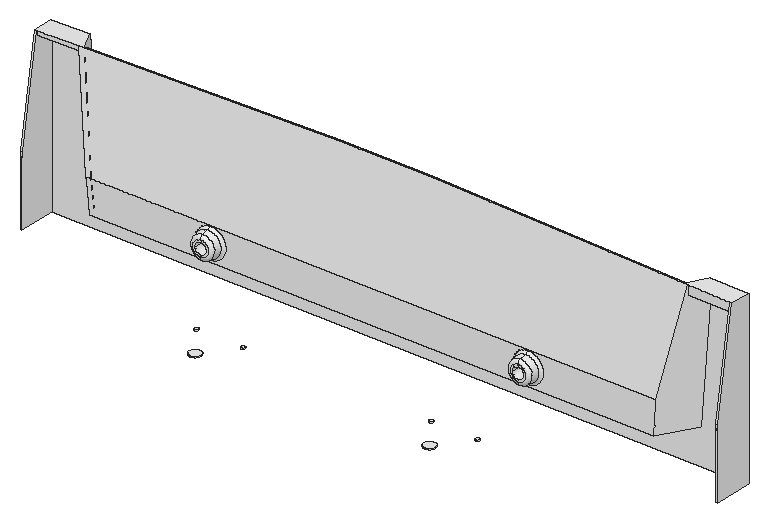
Revit family "Plumbing-Sink-Sloan-Valve-ELA-83000", category Plumbing Fixtures, host Face, Revit 2019
Family settings
  Host = Face
  Round Connector Dimension = Use Diameter
  Part Type = Normal
  OmniClass Number = 23.45.05.14.14
  OmniClass Title = Sinks/Lavatories
  Cut with Voids When Loaded = No
  Shared = No
  Room Calculation Point = No
Parameters (values of type "ELA-83000")
  Width = 90.00"  # constant formula
  Water Flow = 0.0 GPM
  Waste Connection = yes
  WFU = 2
  Vent Connection = no
  Valve Pressure Drop = 0.0 Pa
  URL = "www.sloanvalve.com"
  Sanitary Drain Connection Diameter = 1.50"
  Product data url = "https://bimobject.com/sloan_valve/product/sinks_sloanstone_ela-83000"
  Product Material = Sloan - SloanStone - White (WH)
  Product Guid = ""
  Part Number = ""
  Model = "ELA-83000"
  Manufacturer = "Sloan Valve"  # constant formula
  Keynote = "10000"
  Hot Water Connection Diameter = 0.50"
  Height = 5.00"  # constant formula
  HWFU = 1.5
  HW Connection = yes
  z_Elevation [instance] = 34.00"  # constant formula
  Edition number = 1
  Description = "SloanStone® 3-Station Wall-Mounted Arrowhead Sink."
  Depth = 23.00"  # constant formula
  Default Elevation = 0.00"  # constant formula
  Cold Water Connection Diameter = 0.50"
  CWFU = 1.5
  CW Connection = yes
  Assembly Code = "D2010400"
  ADA Compliant = 1 = 1  # yes
Reference planes (in)
  plane 1 "Center (Front/Back)": y = 0
  plane 2: z = 0
  plane 3 "Center (Left/Right)": x = 0
  plane 4: y = -14
  plane 5: y = -34
  plane 6: x = -30
  plane 7: z = 2.125
  plane 8: z = 2.125
  plane 9: z = 2.125
  plane 10: x = 30
  plane 11: x = -45
  plane 12: x = 45
  plane 13: z = 23
Forms (in)
  Extrusion 1, solid, not visible
    sketch origin (0, 0, 0) x (1, 0, 0) y (0, 1, 0)
      loop
        circle (-15.25, -14) r 0.75
      loop
        circle (-12.25, -10) r 0.25
      loop
        circle (-18.25, -10) r 0.25
      loop
        circle (15.06, -14) r 0.75
      loop
        circle (12.06, -10) r 0.25
      loop
        circle (18.06, -10) r 0.25
    from 0 to 0.50971
Dimensions and locks (in)
  plane 4 to plane 1 "Center (Front/Back)" = 14.00"
  "z_Elevation": plane 5 to plane 1 "Center (Front/Back)"
  aligned and locked: plane 2 to host face
  aligned and locked: level to host face
  aligned and locked: plane 3 "Center (Left/Right)" to nested 1
  aligned and locked: plane 1 "Center (Front/Back)" to nested 1
Automatic sketch dimensions
  host sketch curve to host sketch curve = 96.00"  (x2)
  Extrusion 1 sketch curve to plane 4 = 0.00"
  plane 4 to Extrusion 1 sketch curve = 0.00"
  plane 4 to Extrusion 1 sketch curve = 4.00"  (x4)
  plane 6 to Extrusion 1 sketch curve = 11.75"
  Extrusion 1 sketch curve to Extrusion 1 sketch curve = 3.00"  (x4)
  plane 3 "Center (Left/Right)" to Extrusion 1 sketch curve = 12.06"
  radius of Extrusion 1 sketch curve = 0.75"  (x2)
  radius of Extrusion 1 sketch curve = 0.25"  (x4)
Nested families (in)
  nested 1: "Geometry" at (0, 0, 0), type "Geometry"
Connectors (in)
  piping at (-15.25, -14, 0), diameter 1.5, driven by "WFU", driven by "Sanitary Drain Connection Diameter"
    settings: on Extrusion 1, index 2, connector inside diameter 24.00", connector length 0.00", flow factor 0, pipe flow 0.0 GPM, pressure drop 0.0 Pa, fitting loss kfactor 0, connector angle 0.00°, fixture units 2, engagement length 0.00", angle of deflection 0.00°, flow configuration 3, flow direction 2, fitting loss method 0, system type 16, joint type 0, gender type 0, connector reference index -1, connector utility 0, adjustable connector no, is connector primary yes, connector description "Sanitary Drain Connection 1"
  piping at (-12.25, -10, 0), diameter 0.5, driven by "Cold Water Connection Diameter", driven by "Valve Pressure Drop"
    settings: on Extrusion 1, index 3, connector inside diameter 24.00", connector length 0.00", flow factor 0, pipe flow 0.0 GPM, pressure drop 0.0 Pa, fitting loss kfactor 0, connector angle 0.00°, fixture units 1.5, engagement length 0.00", angle of deflection 0.00°, flow configuration 3, flow direction 1, fitting loss method 0, system type 20, joint type 0, gender type 0, connector reference index -1, connector utility 0, adjustable connector no, is connector primary no, connector description "Cold Water Connection 1"
  piping at (-18.25, -10, 0), diameter 0.5, driven by "Valve Pressure Drop", driven by "Hot Water Connection Diameter"
    settings: on Extrusion 1, index 4, connector inside diameter 24.00", connector length 0.00", flow factor 0, pipe flow 0.0 GPM, pressure drop 0.0 Pa, fitting loss kfactor 0, connector angle 0.00°, fixture units 1.5, engagement length 0.00", angle of deflection 0.00°, flow configuration 3, flow direction 1, fitting loss method 0, system type 19, joint type 0, gender type 0, connector reference index -1, connector utility 0, adjustable connector no, is connector primary no, connector description "Hot Water Connection 1"
  piping at (15.06, -14, 0), diameter 1.5, driven by "Sanitary Drain Connection Diameter", driven by "WFU"
    settings: on Extrusion 1, index 7, connector inside diameter 24.00", connector length 0.00", flow factor 0, pipe flow 0.0 GPM, pressure drop 0.0 Pa, fitting loss kfactor 0, connector angle 0.00°, fixture units 2, engagement length 0.00", angle of deflection 0.00°, flow configuration 3, flow direction 2, fitting loss method 0, system type 16, joint type 0, gender type 0, connector reference index -1, connector utility 0, adjustable connector no, is connector primary no, connector description "Sanitary Drain Connection 2"
  piping at (12.06, -10, 0), diameter 0.5, driven by "Hot Water Connection Diameter", driven by "Valve Pressure Drop"
    settings: on Extrusion 1, index 8, connector inside diameter 24.00", connector length 0.00", flow factor 0, pipe flow 0.0 GPM, pressure drop 0.0 Pa, fitting loss kfactor 0, connector angle 0.00°, fixture units 1.5, engagement length 0.00", angle of deflection 0.00°, flow configuration 3, flow direction 1, fitting loss method 0, system type 19, joint type 0, gender type 0, connector reference index -1, connector utility 0, adjustable connector no, is connector primary no, connector description "Hot Water Connection 2"
  piping at (18.06, -10, 0), diameter 0.5, driven by "Cold Water Connection Diameter", driven by "Valve Pressure Drop"
    settings: on Extrusion 1, index 9, connector inside diameter 24.00", connector length 0.00", flow factor 0, pipe flow 0.0 GPM, pressure drop 0.0 Pa, fitting loss kfactor 0, connector angle 0.00°, fixture units 1.5, engagement length 0.00", angle of deflection 0.00°, flow configuration 3, flow direction 1, fitting loss method 0, system type 20, joint type 0, gender type 0, connector reference index -1, connector utility 0, adjustable connector no, is connector primary no, connector description "Cold Water Connection 2"
Definition of nested family "Geometry"
  Parameters (values of type "Geometry")
    URL = ""
    Type Comments = ""
    Model = ""
    Manufacturer = ""
    Product Material = none
    Description = ""
    Default Elevation = 34.00"
    Assembly Code = ""
  Reference planes (in)
    plane 1 "Center (Front/Back)": y = 0
    plane 2: z = 0
    plane 3 "Center (Left/Right)": x = 0
    plane 4: x = -45
    plane 5: x = 45
    plane 6: z = 23
    plane 7: z = 22
    plane 8: y = -6.5
    plane 9: y = -5
    plane 10: x = -40
    plane 11: x = 40
    plane 12: z = 2.125
    plane 13: z = 5
    plane 14: through (-37.78451, -5.88032, 48) normal (-0.8887, -0.4585, 0)
    plane 15: through (-33.20414, -10.39676, 48) normal (-0.8887, -0.4585, 0)
    plane 16: through (35.808, -9.51205, 48) normal (-0.8887, 0.4584, 0)
    plane 17: through (35.22741, -6.27466, 48) normal (-0.8887, 0.4584, 0)
    plane 18: x = 0
    plane 19: x = 0
    plane 20: through (-39.79826, -1.97675, 48) normal (0.8887, 0.4585, 0)
    plane 21: through (-60.72613, -10.62429, 48) normal (0.8887, 0.4585, 0)
    plane 22: through (-38.17404, -0.76284, 48) normal (0.8887, 0.4585, 0)
    plane 23: through (40.50411, -0.40709, 48) normal (0.8887, -0.4584, 0)
    plane 24: through (46.94742, 16.44844, 48) normal (0.8887, -0.4584, 0)
    plane 25: through (70.1881, 6.18225, 48) normal (0.8887, -0.4584, 0)
    plane 26: through (-43.95007, -0.47225, 48) normal (0.8887, 0.4585, 0)
    plane 27: through (-43.95007, -0.47225, 48) normal (0.8887, 0.4585, 0)
    plane 28: through (52.63065, 16.55962, 48) normal (0.8887, -0.4584, 0)
    plane 29: z = 7
    plane 30: x = 30
    plane 31: x = -30
    plane 32: x = 20.5
    plane 33: x = -20.5
    plane 34: y = -15
    plane 35: y = -13
    plane 36: z = 0.03125
    plane 37: x = 47
    plane 38: x = 43
    plane 39: x = 17
    plane 40: x = 13
    plane 41: x = -13
    plane 42: x = -17
    plane 43: x = -43
    plane 44: x = -47
    plane 45: x = -2
    plane 46: x = 2
    plane 47: x = 45.01004
    plane 48: x = -45
    plane 49: x = -15
    plane 50: x = 15
    plane 51: x = 0
    plane 52: x = 52.12967
    plane 53: x = -52.1818
    plane 54: x = 20.5
    plane 55: x = -20.5
    plane 56: x = -30
    plane 57: x = 30
    plane 58: y = -34
  Forms (in)
    Extrusion 1, solid
      sketch origin (0, 0, 0) x (1, 0, 0) y (0, 1, 0)
        loop
          line (-82, 48) -> (-82, -48) -> (80.23655, -48) -> (80.23655, 48) -> (-82, 48)
      from 0 to -12
    Sweep 2, solid, material <- "Product Material"
      path origin (-107.81743, 24.09789, 0) x (1, 0, 0) y (0, 1, 0)
        loop
          line (152.81743, -29.09789) -> (152.81743, -24.09789) -> (62.81743, -24.09789) -> (62.81743, -29.09789)
      profile origin (-45, -2.5, 0) x (1, 0, 0) y (0, 0, 1)
        loop
          line (0, 0) -> (0.25, 0) -> (0.25, 23) -> (0, 23) -> (0, 0)
    Extrusion 3, solid, material <- "Product Material"
      sketch origin (20.13409, 45.78834, -27.3788) x (0, 1, 0) y (0, 0, 1)
        loop
          line (-45.78834, 31.93547) -> (-45.78834, 32.3788) -> (-50.4495, 32.3788) -> (-50.4495, 36.3788) -> (-48.00422, 50.24668) -> (-48.25422, 50.24668) -> (-50.6995, 36.3788) -> (-50.6995, 32.18899) -> (-45.78834, 31.93547)
      from -60.13409 to 19.86591
    Blend 4, solid, material <- "Product Material"
      base sketch origin (20.65328, 0, 0) x (-1, 0, 0) y (0, -1, 0)
        loop
          line (58.6556, 0) -> (59.22085, 0) -> (56.68731, 4.91115) -> (56.12206, 4.91115) -> (58.6556, 0)
      top sketch origin (20.65328, 0, 0) x (-1, 0, 0) y (0, -1, 0)
        loop
          line (60.78474, 0) -> (61.4713, 0) -> (58.93776, 4.91115) -> (58.2411, 4.91115) -> (60.78474, 0)
      from 4.55667 to 23
    Blend 5, void
      base sketch origin (20.08943, 0, 0) x (-1, 0, 0) y (0, -1, 0)
        loop
          line (58.657, 0) -> (64.28312, 0) -> (61.74958, 4.91115) -> (56.12346, 4.91115) -> (58.657, 0)
      top sketch origin (20.08943, 0, 0) x (-1, 0, 0) y (0, -1, 0)
        loop
          line (60.90745, 0) -> (64.28312, 0) -> (61.74958, 4.91115) -> (58.37391, 4.91115) -> (60.90745, 0)
      from 4.55667 to 23
    Blend 6, solid, material <- "Product Material"
      base sketch origin (-47.52828, 0, 0) x (1, 0, 0) y (0, 1, 0)
        loop
          line (85.992, 0) -> (83.45895, -4.91115) -> (84.19407, -4.91115) -> (86.72712, 0) -> (85.992, 0)
      top sketch origin (-47.52828, 0, 0) x (1, 0, 0) y (0, 1, 0)
        loop
          line (87.67927, 0) -> (85.14622, -4.91115) -> (85.7093, -4.91115) -> (88.24236, 0) -> (87.67927, 0)
      from 4.55667 to 23
    Blend 7, void
      base sketch origin (-20.08943, 0, 0) x (1, 0, 0) y (0, 1, 0)
        loop
          line (58.55315, 0) -> (56.0201, -4.91115) -> (61.64599, -4.91115) -> (64.17904, 0) -> (58.55315, 0)
      top sketch origin (-20.08943, 0, 0) x (1, 0, 0) y (0, 1, 0)
        loop
          line (60.80351, 0) -> (58.27046, -4.91115) -> (61.64599, -4.91115) -> (64.17904, 0) -> (60.80351, 0)
      from 4.55667 to 23
    Extrusion 8, void
      sketch origin (0, 0, 0) x (0, 1, 0) y (0, 0, 1)
        loop
          line (-2.25626, 24.05667) -> (-5.41115, 24.05667) -> (-5.41115, 8.17817) -> (-5.2433, 8.17817)
          arc (-5.2433, 8.17817) -> (-5.00844, 8.27546) -> (-4.91115, 8.51032) r 0.33214
          line (-4.91115, 8.51032) -> (-4.91115, 9) -> (-2.25626, 24.05667)
      from -45 to 45
    Extrusion 9, void
      sketch origin (0, 0, 0) x (0, 1, 0) y (0, 0, 1)
        loop
          line (-0.25, 2.39952) -> (-0.25, 4.56958) -> (-5, 4.81478) -> (-5, 2.39952) -> (-0.25, 2.39952)
      from -40 to 40
    Extrusion 10, void
      sketch origin (0, 0, 0) x (1, 0, 0) y (0, 0, 1)
        loop
          line (45, 22) -> (45, 24) -> (-45, 24) -> (-45, 22) -> (0, 23) -> (45, 22)
      from 0 to 5
    Extrusion 11, solid, material <- "Product Material"
      sketch origin (0, 0, 0) x (1, 0, 0) y (0, 1, 0)
        loop
          line (-44.75, -0.25) -> (-44.75, -2.58158) -> (-39.13446, -2.58158) -> (-40.33456, -0.25) -> (-44.75, -0.25)
      from 21.54991 to 22.86788
    Extrusion 12, solid, material <- "Product Material"
      sketch origin (0, 0, 0) x (1, 0, 0) y (0, 1, 0)
        loop
          line (40.43663, 0) -> (39.10791, -2.58145) -> (45, -2.58145) -> (45, 0) -> (40.43663, 0)
      from 20.91146 to 22.86788
    Extrusion 13, void
      sketch origin (0, 0, 0) x (1, 0, 0) y (0, 0, 1)
        loop
          line (38.53321, 5) -> (40.36016, 23) -> (-40.2732, 23) -> (-38.14159, 5) -> (38.53321, 5)
      from 0 to 0.25
    Revolve 14, solid, material <- "Product Material"
      sketch origin (-20.5, 0.08885, -12) x (0, 0, -1) y (0, 1, 0)
        loop
          line (-19, -6.58885) -> (-19, -5) -> (-20.94175, -5)
          arc (-20.94175, -5) -> (-20.72777, -5.14237) -> (-20.61731, -5.37444) r 0.48228
          line (-20.61731, -5.37444) -> (-20.46879, -6.21673)
          arc (-20.46879, -6.21673) -> (-20.31478, -6.48349) -> (-20.02532, -6.58885) r 0.45031
          line (-20.02532, -6.58885) -> (-19, -6.58885)
        axis (-19, -5) -> (-19, -6.58885)
      angle from 0 to 360
    Revolve 15, solid, material <- "Product Material"
      sketch origin (20.5, 0.08885, -12) x (0, 0, -1) y (0, 1, 0)
        loop
          line (-19, -6.58885) -> (-19, -5) -> (-20.94175, -5)
          arc (-20.94175, -5) -> (-20.72777, -5.14237) -> (-20.61731, -5.37444) r 0.48228
          line (-20.61731, -5.37444) -> (-20.46879, -6.21673)
          arc (-20.46879, -6.21673) -> (-20.31478, -6.48349) -> (-20.02532, -6.58885) r 0.45031
          line (-20.02532, -6.58885) -> (-19, -6.58885)
        axis (-19, -5) -> (-19, -6.58885)
      angle from 0 to 360
    Extrusion 16, void
      sketch origin (0.06417, -0.91761, 0) x (1, 0, 0) y (0, 0, 1)
        loop
          circle (20.43583, 7) r 0.75
      from 5.63372 to 3.74354
    Extrusion 17, void
      sketch origin (-53.24219, -1.75, 0) x (1, 0, 0) y (0, 0, 1)
        loop
          circle (32.74219, 7) r 0.75
      from 2.91115 to 4.75
    Extrusion 18, solid, material <- "Product Material"
      sketch origin (0, 0, 0) x (1, 0, 0) y (0, 1, 0)
        loop
          circle (-15.25, -14) r 0.75
        loop
          circle (-12.25, -10) r 0.25
        loop
          circle (-18.25, -10) r 0.25
        loop
          circle (15.06, -14) r 0.75
        loop
          circle (12.06, -10) r 0.25
        loop
          circle (18.06, -10) r 0.25
      from 0 to 0.0495
  Cuts and joins
    Extrusion 8, Extrusion 9, Extrusion 10, Extrusion 13, Extrusion 17 cuts Sweep 2
    Blend 5, Blend 7, Extrusion 8, Extrusion 9, Extrusion 10, Extrusion 13, Extrusion 16, Extrusion 17 cuts Extrusion 3
    Blend 7, Extrusion 8, Extrusion 9, Extrusion 10, Extrusion 17 cuts Blend 4
    Extrusion 8, Extrusion 9, Extrusion 10, Extrusion 17 cuts Blend 6
    Extrusion 10, Extrusion 13, Extrusion 17 cuts Extrusion 11
    Extrusion 10, Extrusion 13, Extrusion 17 cuts Extrusion 12
    joined: Sweep 2, Extrusion 3, Blend 4, Blend 6, Extrusion 11, Extrusion 12
    Extrusion 16 cuts Revolve 15
    Extrusion 17 cuts Revolve 14
  Lines and regions (in)
    Masking region 1
      outline origin (0, 0, 0) x (1, 0, 0) y (0, 0, 1)
        loop
          line (45, 0) -> (45, 22) -> (5.94532, 22.86788) -> (-5.94532, 22.86788) -> (-45, 22) -> (-45, 0) -> (45, 0)
    symbolic lines, detail levels medium+fine
      curve 1: line (38.50428, 0, 5) -> (-38.0535, 0, 5)
      curve 2: line (-36.10948, 0, 9) -> (36.46611, 0, 9)
      curve 3: line (-36.10948, 0, 9) -> (-35.6488, 0, 5)
      curve 4: line (36.46611, 0, 9) -> (36.10017, 0, 5)
      curve 8: line (38.50428, 0, 5) -> (40.06953, 0, 22.10957)
      curve 9: line (38.86257, 0, 22.13639) -> (36.46611, 0, 9)
      curve 10: line (-38.0535, 0, 5) -> (-40.02877, 0, 22.11047)
      curve 11: line (-38.8443, 0, 22.13679) -> (-36.10838, 0, 9)
    symbolic lines, detail levels fine
      curve 5: circle (0, 0, 2.125) r 0.5625 normal (0, -1, 0)
      curve 6: circle (20.5, 0, 7) r 0.75 normal (0, -1, 0)
      curve 7: circle (-20.5, 0, 7) r 0.75 normal (0, -1, 0)
      curve 12: circle (-30, 0, 2.125) r 0.5625 normal (0, -1, 0)
      curve 13: circle (30, 0, 2.125) r 0.5625 normal (0, -1, 0)
  Dimensions and locks (in)
    locked: Sweep 2 sketch curve to Sweep 2 sketch curve at 23
    equal spacing: plane 4, plane 3 "Center (Left/Right)", plane 5
    plane 4 to plane 5 = 90.00"
    locked: plane 4 to plane 10 at 5
    locked: plane 11 to plane 5 at 5
    locked: Sweep 2 to Extrusion 3 at 4.91115
    locked: Sweep 2 sketch curve to Sweep 2 sketch curve at 0.25
    plane 9 to plane 1 "Center (Front/Back)" = 5.00"
    plane 8 to plane 1 "Center (Front/Back)" = 6.50"
    Extrusion 10 sketch curve to Extrusion 10 sketch curve = 2.00"  (x2)
    plane 20 to plane 21 = 22.56345"
    locked: Blend 4 sketch curve to Blend 4 sketch curve at 0.68656
    locked: Blend 4 sketch curve to Blend 4 sketch curve at 0.50235
    locked: plane 22 to plane 20 at 2
    locked: Blend 6 sketch curve to Blend 6 sketch curve at 0.56308
    locked: plane 23 to plane 24 at 2
    plane 25 to plane 23 = 23.36109"
    locked: Blend 6 sketch curve to Blend 6 sketch curve at 0.65333
    locked: plane 20 to plane 26 at 3
    locked: plane 20 to plane 27 at 3
    locked: plane 28 to plane 23 at 3
    locked: plane 34 to plane 9 at 10
    locked: plane 35 to plane 9 at 8
    locked: plane 36 to Extrusion 1 at 0.03125
    plane 18 to plane 3 "Center (Left/Right)" = 0.00"  (x2)
    plane 30 to plane 3 "Center (Left/Right)" = 30.00"
    plane 3 "Center (Left/Right)" to plane 19 = 0.00"  (x2)
    plane 3 "Center (Left/Right)" to plane 31 = 30.00"
    plane 32 to plane 3 "Center (Left/Right)" = 20.50"
    plane 3 "Center (Left/Right)" to plane 33 = 20.50"
    locked: Extrusion 1 to plane 6 at 23
    locked: plane 8 to plane 1 "Center (Front/Back)" at 6.5
    locked: plane 37 to plane 47 at 1.98996
    locked: plane 44 to plane 48 at 2
    locked: plane 42 to plane 49 at 2
    locked: plane 50 to plane 39 at 2
    locked: plane 51 to plane 46 at 2
    plane 54 to plane 52 = 31.62967"
    plane 55 to plane 53 = 31.6818"
    locked: plane 53 to plane 56 at 22.1818
    locked: plane 57 to plane 52 at 22.12967
    angle Extrusion 3 sketch curve to Extrusion 3 sketch curve = 10.00°
    aligned and locked: Extrusion 1 to plane 2
    aligned and locked: Extrusion 1 to level
    aligned and locked: Sweep 2 sketch curve to plane 4
    aligned and locked: Sweep 2 sketch curve to plane 1 "Center (Front/Back)"
    aligned and locked: Sweep 2 sketch curve to plane 5
    aligned and locked: plane 11 to Extrusion 3
    aligned and locked: Extrusion 3 to plane 10
    aligned and locked: Blend 4 sketch curve to plane 14
    aligned and locked: plane 15 to Blend 4 sketch curve
    aligned and locked: Sweep 2 to Blend 5
    aligned and locked: Sweep 2 to Blend 4
    aligned and locked: Blend 5 to Extrusion 3
    aligned and locked: Extrusion 3 to Blend 4
    aligned and locked: plane 16 to Blend 6 sketch curve
    aligned and locked: Blend 6 sketch curve to plane 17
    aligned and locked: Sweep 2 to Blend 6
    aligned and locked: Extrusion 8 to plane 4
    aligned and locked: plane 5 to Extrusion 8
    aligned and locked: Extrusion 9 sketch curve to cut or joined group 1 (Sweep 2, Extrusion 3, Blend 4, Blend 5, Blend 6, Blend 7, Extrusion 8, Extrusion 9, Extrusion 10, Extrusion 11, Extrusion 12, Extrusion 13, Extrusion 16, Extrusion 17)  (x2)
    aligned and locked: plane 9 to Extrusion 9 sketch curve
    aligned and locked: Extrusion 3 to Extrusion 9
    aligned and locked: Extrusion 9 to Extrusion 3
    aligned and locked: Extrusion 10 sketch curve to plane 5
    aligned and locked: plane 4 to Extrusion 10 sketch curve
    aligned and locked: plane 3 "Center (Left/Right)" to Extrusion 10 sketch curve
    aligned and locked: Extrusion 10 to Sweep 2  (x2)
    aligned and locked: cut or joined group 1 to Extrusion 11
    aligned and locked: Extrusion 12 to cut or joined group 1
    aligned and locked: cut or joined group 1 to Extrusion 12
    aligned and locked: Extrusion 12 to plane 1 "Center (Front/Back)"
    aligned and locked: plane 6 to Extrusion 13 sketch curve
    aligned and locked: Sweep 2 to Extrusion 13
    aligned and locked: plane 20 to plane 14
    aligned and locked: plane 22 to plane 15
    aligned and locked: plane 16 to plane 23
    aligned and locked: plane 17 to plane 24
    aligned and locked: Blend 5 sketch curve to plane 20
    aligned and locked: plane 26 to Blend 5 sketch curve
    aligned and locked: Blend 5 sketch curve to plane 22
    aligned and locked: plane 27 to Blend 5 sketch curve
    aligned and locked: Blend 7 sketch curve to plane 23
    aligned and locked: Blend 7 sketch curve to plane 24
    aligned and locked: Blend 7 sketch curve to var sketch
    aligned and locked: Extrusion 3 to Extrusion 17
    aligned and locked: cut or joined group of Revolve 14, Extrusion 17 to Extrusion 17
    aligned and locked: cut or joined group 1 to Extrusion 16
    aligned and locked: plane 32 to Extrusion 16 sketch curve
    aligned and locked: plane 29 to Extrusion 16 sketch curve
    aligned and locked: plane 33 to Extrusion 17 sketch curve
    aligned and locked: plane 29 to Extrusion 17 sketch curve
    aligned and locked: curve 1 to cut or joined group 1
    aligned and locked: curve 2 to cut or joined group 1
    aligned and locked: curve 3 to cut or joined group 1
    aligned and locked: curve 4 to cut or joined group 1
    aligned and locked: Masking region 1 sketch curve to cut or joined group 1  (x5)
    aligned and locked: Extrusion 1 to Masking region 1 sketch curve
    aligned and locked: plane 54 to curve 6
    aligned and locked: plane 55 to curve 7
    aligned and locked: curve 8 to cut or joined group 1
    aligned and locked: cut or joined group 1 to curve 9
    aligned and locked: curve 10 to cut or joined group 1
    aligned and locked: plane 56 to curve 12
    aligned and locked: plane 57 to curve 13
  Automatic sketch dimensions
    Extrusion 1 sketch curve to Extrusion 1 sketch curve = 162.23655"
    Extrusion 1 sketch curve to Extrusion 1 sketch curve = 96.00"
    plane 9 to Sweep 2 sketch curve = 0.00"  (x2)
    profile plane to Sweep 2 sketch curve = 0.00"
    Sweep 2 sketch curve to profile plane = 0.00"
    Extrusion 3 sketch curve to plane 13 = 0.00"
    Extrusion 3 sketch curve to plane 1 "Center (Front/Back)" = 0.00"
    Extrusion 3 sketch curve to plane 6 = 0.13212"
    plane 1 "Center (Front/Back)" to Extrusion 3 sketch curve = 2.21587"
    Extrusion 3 sketch curve to Extrusion 3 sketch curve = 0.25"
    plane 1 "Center (Front/Back)" to Extrusion 3 sketch curve = 4.66115"
    Extrusion 3 sketch curve to plane 9 = 0.08885"
    Extrusion 3 sketch curve to plane 13 = 0.1898"
    Extrusion 3 sketch curve to plane 13 = 0.44333"
    Extrusion 3 sketch curve to Extrusion 3 sketch curve = 0.00"
    plane 1 "Center (Front/Back)" to Blend 4 sketch curve = 0.00"  (x2)
    plane 9 to Blend 4 sketch curve = 0.08885"  (x2)
    Blend 4 sketch curve to Blend 4 sketch curve = 0.69665"
    plane 1 "Center (Front/Back)" to Blend 5 sketch curve = 0.00"  (x2)
    plane 9 to Blend 5 sketch curve = 0.08885"  (x2)
    plane 1 "Center (Front/Back)" to Blend 6 sketch curve = 0.00"  (x2)
    Blend 6 sketch curve to plane 9 = 0.08885"  (x2)
    Blend 6 sketch curve to Blend 6 sketch curve = 0.56308"
    plane 1 "Center (Front/Back)" to Blend 7 sketch curve = 0.00"  (x2)
    Blend 7 sketch curve to plane 9 = 0.08885"  (x2)
    plane 28 to Blend 7 sketch curve = 0.00"  (x2)
    plane 9 to Extrusion 8 sketch curve = 0.41115"
    Extrusion 8 sketch curve to Extrusion 8 sketch curve = 0.16786"
    Extrusion 8 sketch curve to plane 9 = 0.08885"
    plane 6 to Extrusion 8 sketch curve = 1.05667"
    plane 1 "Center (Front/Back)" to Extrusion 8 sketch curve = 2.25626"
    plane 29 to Extrusion 8 sketch curve = 2.00"
    Extrusion 8 sketch curve to Extrusion 8 sketch curve = 0.48968"
    plane 12 to Extrusion 9 sketch curve = 0.27452"
    Extrusion 10 sketch curve to plane 7 = 0.00"
    Extrusion 10 sketch curve to plane 6 = 0.00"
    plane 4 to Extrusion 11 sketch curve = 0.25"
    Extrusion 11 sketch curve to plane 10 = 0.33456"
    plane 10 to Extrusion 11 sketch curve = 0.86554"
    Extrusion 11 sketch curve to plane 9 = 2.41842"
    plane 1 "Center (Front/Back)" to Extrusion 11 sketch curve = 0.25"
    plane 1 "Center (Front/Back)" to Extrusion 12 sketch curve = 0.00"
    Extrusion 12 sketch curve to plane 5 = 0.00"
    plane 11 to Extrusion 12 sketch curve = 0.43663"
    Extrusion 12 sketch curve to plane 11 = 0.89209"
    Extrusion 12 sketch curve to plane 9 = 2.41855"
    Extrusion 13 sketch curve to plane 13 = 0.00"
    Extrusion 13 sketch curve to plane 10 = 0.2732"
    plane 10 to Extrusion 13 sketch curve = 1.85841"
    Extrusion 13 sketch curve to plane 11 = 1.46679"
    plane 11 to Extrusion 13 sketch curve = 0.36016"
    Revolve 14 sketch curve to plane 8 = 0.00"
    Revolve 14 sketch curve to plane 29 = 0.00"  (x2)
    Revolve 14 sketch curve to plane 8 = 0.45031"
    plane 29 to Revolve 14 sketch curve = 1.02532"
    Revolve 14 sketch curve to plane 8 = 0.37212"
    plane 9 to Revolve 14 sketch curve = 0.2856"
    Revolve 14 sketch curve to Revolve 14 sketch curve = 0.14852"
    Revolve 14 sketch curve to plane 9 = 0.08885"
    Revolve 14 sketch curve to Revolve 14 sketch curve = 0.32444"
    plane 9 to Revolve 14 sketch curve = 0.36934"
    plane 8 to Revolve 14 sketch curve = 0.07948"
    Revolve 14 sketch curve to Revolve 14 sketch curve = 0.15231"
    Revolve 15 sketch curve to plane 8 = 0.00"
    Revolve 15 sketch curve to plane 29 = 0.00"  (x2)
    Revolve 15 sketch curve to plane 8 = 0.45031"
    plane 29 to Revolve 15 sketch curve = 1.02532"
    Revolve 15 sketch curve to plane 8 = 0.37212"
    plane 9 to Revolve 15 sketch curve = 0.2856"
    Revolve 15 sketch curve to Revolve 15 sketch curve = 0.14852"
    Revolve 15 sketch curve to plane 9 = 0.08885"
    Revolve 15 sketch curve to Revolve 15 sketch curve = 0.32444"
    plane 9 to Revolve 15 sketch curve = 0.36934"
    plane 8 to Revolve 15 sketch curve = 0.07948"
    Revolve 15 sketch curve to Revolve 15 sketch curve = 0.15231"
    curve 13 to plane 12 = 0.00"
    curve 12 to plane 12 = 0.00"
    curve 6 to plane 29 = 0.00"
    curve 7 to plane 29 = 0.00"
    curve 10 to plane 10 = 0.02877"
    curve 11 to plane 7 = 0.13679"
    plane 10 to curve 11 = 1.1557"
    curve 2 to curve 11 = 0.00109"
    curve 9 to plane 7 = 0.13639"
    plane 11 to curve 8 = 0.06953"
    curve 11 to curve 2 = 0.00"
    curve 5 to plane 3 "Center (Left/Right)" = 0.00"
    curve 5 to plane 12 = 0.00"
    Extrusion 18 sketch curve to plane 50 = 0.06"
    Extrusion 18 sketch curve to plane 40 = 0.94"
    plane 39 to Extrusion 18 sketch curve = 1.06"
    Extrusion 18 sketch curve to plane 34 = 1.00"  (x2)
    Extrusion 18 sketch curve to plane 35 = 3.00"  (x4)
    Extrusion 18 sketch curve to plane 42 = 1.25"
    plane 41 to Extrusion 18 sketch curve = 0.75"
    plane 49 to Extrusion 18 sketch curve = 0.25"
    radius of Extrusion 16 sketch curve = 0.75"
    radius of Extrusion 17 sketch curve = 0.75"
    radius of curve 5 = 0.5625"
    radius of curve 6 = 0.75"
    radius of curve 7 = 0.75"
    radius of curve 12 = 0.5625"
    radius of curve 13 = 0.5625"
    radius of Extrusion 18 sketch curve = 0.75"  (x2)
    radius of Extrusion 18 sketch curve = 0.25"  (x4)
